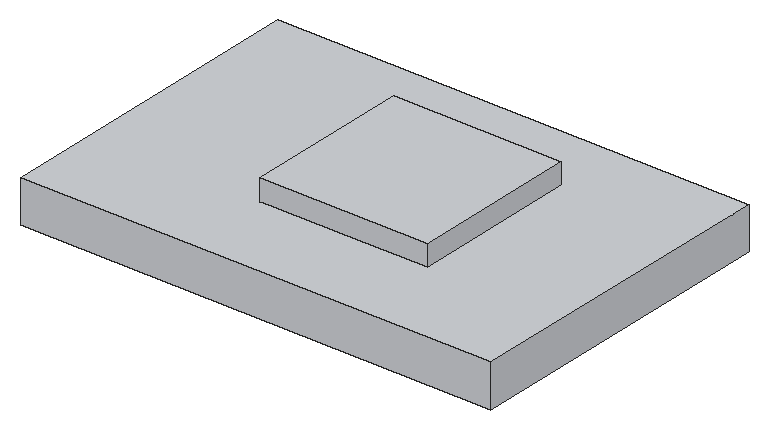
Revit family "M_Iluminação de superfície plana", category Luminárias, Revit 2019
Family settings
  Hospedeiro = Face
  Cota do conector redondo = Utilizar diâmetro
  Tipo de parte = Normal
  Número OmniClass = 23.80.70.11.11
  Título OmniClass = General Luminaries, Non Directional
  ID de item do Seek = Plain Surface Lighting Fixture-0000-CAN-ENU
  Corte com vazios quando carregada = Não
  Fonte luminosa = Sim
  Compartilhado = Não
  Ponto de cálculo do ambiente = Não
Parameters (values of type "1200x1200 - 120")
  Largura 1 = Largura / 2  # 600 mm
  Largura = 1200 mm
  Wattage = 192 W
  built-in parameter 1150110 = 1 (stored number, unit not read)
  built-in parameter 1150109 = 1 (stored number, unit not read)
  built-in parameter 1150134 = 8
  built-in parameter 1150113 = 1 (stored number, unit not read)
  Tilt Angle = -90.00°
  Lumens = 18900.5 lm
  built-in parameter 1114217 = 0.88 (stored number, unit not read)
  built-in parameter 1150115 = 1 (stored number, unit not read)
  built-in parameter 1150105 = 1504.1 (stored number, unit not read)
  Classificação de carga = Iluminação - Unidade de interrupção
  built-in parameter 1150137 = 1
  built-in parameter 1150139 = (empty or 0)
  Comprimento 1 = Comprimento / 2  # 600 mm
  Comprimento = 1200 mm
  Arquivo de rede fotométrica = "S4x46A12.ies"
  built-in parameter 1150112 = 1 (stored number, unit not read)
  built-in parameter 1150114 = 1 (stored number, unit not read)
  built-in parameter 1150132 = (empty or 0)
  built-in parameter 1150102 = (empty or 0)
  built-in parameter 1150138 = (empty or 0)
  built-in parameter 1150107 = 4230 (stored number, unit not read)
  built-in parameter 1150106 = 15.041 (stored number, unit not read)
  Emit from Rectangle Width = Largura  # 1200 mm
  Emit from Rectangle Length = Comprimento  # 1200 mm
  Emit Shape Visible in Rendering = no
  built-in parameter 1150104 = 9.1454 (stored number, unit not read)
  Dimming Lamp Color Temperature Shift = (empty or 0)
  Linear = 150 mm
  Elevação-padrão = 2000 mm
  Color Filter = 16777215
  built-in parameter 1140040 [instance] = 1
  Voltagem do transformador = 120 V
  built-in parameter 1114218 = 0.88 (stored number, unit not read)
  built-in parameter 1150133 = 10 (stored number, unit not read)
  Assembly Code = ""
  Apparent Load = 192 VA
Types (8, lengths in mm): name | Largura 1 | Largura | Wattage | built-in parameter 1150134 | Lumens | built-in parameter 1150105 | Comprimento 1 | Comprimento | Arquivo de rede fotométrica | built-in parameter 1150107 | built-in parameter 1150106 | Emit from Rectangle Width | Emit from Rectangle Length | built-in parameter 1150104 | Voltagem do transformador | Apparent Load
  300x1200 - 120 | 150 | 300 | 64 W | 8 | 5800.32 lm | 461.57 (stored number, unit not read) | 600 | 1200 | "S1x42A12.ies" | 4230 (stored number, unit not read) | 4.6157 (stored number, unit not read) | 300 | 1200 | 8.4198 (stored number, unit not read) | 120 V | 64 VA
  300x1200 - 277 | 150 | 300 | 64 W | 8 | 5800.32 lm | 461.57 (stored number, unit not read) | 600 | 1200 | "S1x42A12.ies" | 4230 (stored number, unit not read) | 4.6157 (stored number, unit not read) | 300 | 1200 | 8.4198 (stored number, unit not read) | 277 V | 64 VA
  600x600 - 120 | 300 | 600 | 62 W | 8 | 5599.84 lm | 445.62 (stored number, unit not read) | 300 | 600 | "S2x22UA12.ies" | 4230 (stored number, unit not read) | 4.4562 (stored number, unit not read) | 600 | 600 | 8.391 (stored number, unit not read) | 120 V | 62 VA
  600x600 - 277 | 300 | 600 | 62 W | 8 | 5599.84 lm | 445.62 (stored number, unit not read) | 300 | 600 | "S2x22UA12.ies" | 4230 (stored number, unit not read) | 4.4562 (stored number, unit not read) | 600 | 600 | 8.391 (stored number, unit not read) | 277 V | 62 VA
  600x1200 - 120 | 300 | 600 | 96 W | 8 | 8700.48 lm | 692.36 (stored number, unit not read) | 600 | 1200 | "S2x43A12.ies" | 4230 (stored number, unit not read) | 6.9236 (stored number, unit not read) | 600 | 1200 | 8.4198 (stored number, unit not read) | 120 V | 96 VA
  600x1200 - 277 | 300 | 600 | 96 W | 8 | 8700.48 lm | 692.36 (stored number, unit not read) | 600 | 1200 | "S2x43A12.ies" | 4230 (stored number, unit not read) | 6.9236 (stored number, unit not read) | 600 | 1200 | 8.4198 (stored number, unit not read) | 277 V | 96 VA
  1200x1200 - 120 | 600 | 1200 | 192 W | 8 | 18900.5 lm | 1504.1 (stored number, unit not read) | 600 | 1200 | "S4x46A12.ies" | 4230 (stored number, unit not read) | 15.041 (stored number, unit not read) | 1200 | 1200 | 9.1454 (stored number, unit not read) | 120 V | 192 VA
  1200x1200 - 277 | 600 | 1200 | 192 W | (empty or 0) | 18900.5 lm | 1504.1 (stored number, unit not read) | 600 | 1200 | "S4x46A12.ies" | 3000 (stored number, unit not read) | 15.041 (stored number, unit not read) | 1200 | 1200 | 9.1454 (stored number, unit not read) | 277 V | 192 VA
Reference planes
  plane 1 "nenhum": y = -461.479
  plane 2: z = 0
  plane 3 "Centro (Esquerda/Direita)": x = -938.852
  plane 4 "Centro (Frente/Trás)": y = 738.521
  plane 5: x = 261.148
  plane 6: z = 150
  plane 7: y = 138.521
  plane 8: x = -338.852
Forms (mm)
  Extrusion 1, solid
    sketch origin (0, 0, 0) x (1, 0, 0) y (0, 1, 0)
      loop
        line (-2158.052, 1219.2) -> (-2158.052, -1090.279) -> (1219.2, -1090.279) -> (1219.2, 1219.2) -> (-2158.052, 1219.2)
    from 0 to -304.8
  Extrusion 2, solid
    sketch origin (0, 0, 0) x (1, 0, 0) y (0, 1, 0)
      loop
        line (-938.852, 738.521) -> (-938.852, -461.479) -> (261.148, -461.479) -> (261.148, 738.521) -> (-938.852, 738.521)
    from 0 to 150
Dimensions and locks
  "Largura": plane 1 "nenhum" to plane 4 "Centro (Frente/Trás)"
  "Comprimento": plane 3 "Centro (Esquerda/Direita)" to plane 5
  "Linear": Extrusion 1 to plane 6
  "Largura 1": plane 4 "Centro (Frente/Trás)" to plane 7
  "Comprimento 1": plane 3 "Centro (Esquerda/Direita)" to plane 8
  aligned and locked: plane 2 to Extrusion 1
  aligned and locked: level to Extrusion 1
  aligned and locked: plane 3 "Centro (Esquerda/Direita)" to Extrusion 2 sketch curve
  aligned and locked: Extrusion 2 sketch curve to plane 4 "Centro (Frente/Trás)"
  aligned and locked: plane 1 "nenhum" to Extrusion 2 sketch curve
  aligned and locked: Extrusion 2 sketch curve to plane 5
  aligned and locked: Extrusion 2 to plane 6
  aligned and locked: plane 7 to imposter light
  aligned and locked: plane 6 to imposter light
  aligned and locked: plane 8 to imposter light
Automatic sketch dimensions
  Extrusion 1 sketch curve to Extrusion 1 sketch curve = 3377.252 mm
  Extrusion 1 sketch curve to Extrusion 1 sketch curve = 2309.479 mm
Connectors
  electrical at (-338.852, 138.521, 150), driven by "Apparent Load", driven by "Voltagem do transformador", driven by "Classificação de carga"
    settings: on Extrusion 2, index 1, voltage 120 V, apparent load 0 VA, apparent load phase1 192 VA, apparent load phase2 0 VA, apparent load phase3 0 VA, power factor 0.95, load classification "Iluminação - Unidade de interrupção", number of poles 1, system type 31, power factor state 1, is connector primary yes, connector utility no, sub classification motor no, connector description ""
